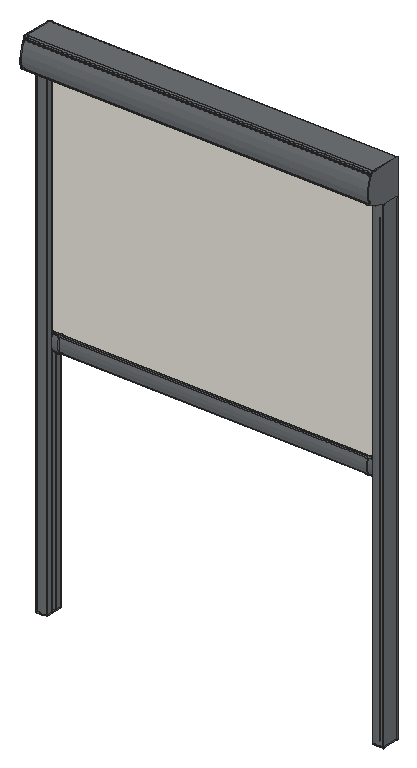
Revit family "Verano_V599_Ritzscreen_GM_R21", category Generic Models, Revit 2021
Family settings
  Can host rebar = No
  Round Connector Dimension = Use Diameter
  Part Type = Normal
  Work Plane-Based = No
  Always vertical = Yes
  Cut with Voids When Loaded = No
  Shared = No
  Room Calculation Point = No
Parameters (values of type "Rounded")
  Width Warning [instance] = if(or([Width Input (1000-4000mm)] < Minimal Width, [Width Input (1000-4000mm)] > Maximal Width), 1 < 2, 1 > 2)  # no
  Width Input (1000-4000mm) [instance] = 1000 mm
  Width [instance] = Overall Width Constraint  # 1000 mm
  Wall Offset [instance] = 0 mm
  Vertical Profile Length [instance] = Overall Height Constraint - Cassette Height - 3 mm  # 1397 mm
  URL = "www.verano.nl"
  Round Cassette = yes
  Parapet Height [instance] = 800 mm
  Overall Width Constraint [instance] = if([Width Input (1000-4000mm)] < Minimal Width, Minimal Width, if([Width Input (1000-4000mm)] > Maximal Width, Maximal Width, [Width Input (1000-4000mm)]))  # 1000 mm
  Overall Height Constraint [instance] = if([Height Input (1000-3500mm)] < Minimal Height, Minimal Height, if([Height Input (1000-3500mm)] > Maximal Height, Maximal Height, [Height Input (1000-3500mm)]))  # 1500 mm
  Overall Height [instance] = Parapet Height + Overall Height Constraint  # 2300 mm
  Closing factor (0-100%) [instance] = 50
  Model = "V599 Ritzscreen"
  Minimal Width [instance] = 1000 mm  # constant formula
  Minimal Height [instance] = 1000 mm  # constant formula
  Maximal Width [instance] = 4000 mm  # constant formula
  Maximal Height [instance] = 3500 mm  # constant formula
  Manufacturer = "Verano Systems"
  Height Warning [instance] = if(or([Height Input (1000-3500mm)] < Minimal Height, [Height Input (1000-3500mm)] > Maximal Height), 1 < 2, 1 > 2)  # no
  Height Input (1000-3500mm) [instance] = 1500 mm
  Height [instance] = Overall Height Constraint  # 1500 mm
  Frame Material [instance] = V_Antracite
  Fabric Material [instance] = V_Fabric Beige
  FL [instance] = (Overall Height Constraint - Cassette Height - 46 mm) * [Closing factor (0-100%)] / 100  # 677 mm
  Default Elevation = 0 mm
  Cassette Height [instance] = 100 mm  # constant formula
  Bottom Rail Length [instance] = Overall Width Constraint - 2 * 38 mm  # 924 mm
Reference planes
  plane 1 "Center (Front/Back)": y = 0
  plane 2: z = 0
  plane 3 "Center (Left/Right)": x = 0
  plane 4: y = 0
  plane 5: x = -500
  plane 6: x = 500
  plane 7 "1": z = 800
  plane 8: z = 2300
  plane 9: z = 2200
  plane 10 "Fabric reference": y = -24
  plane 11: x = -480
  plane 12: x = 480
  plane 13 "Bottom Profile": z = 1514
  plane 14: z = 1523
  plane 15: z = 2220
Forms (mm)
  Extrusion 1, solid, material "V_Fabric Beige"
    sketch origin (0, -24, 0) x (1, 0, 0) y (0, 0, 1)
      loop
        line (-480, 2220) -> (-480, 1514) -> (480, 1514) -> (480, 2220) -> (-480, 2220)
    from -1 to 1
Dimensions and locks
  "Wall Offset": plane 4 to plane 1 "Center (Front/Back)"
  equal spacing: plane 5, plane 3 "Center (Left/Right)", plane 6
  "Overall Width Constraint": plane 5 to plane 6
  "Parapet Height": plane 7 "1" to level
  "Overall Height Constraint": plane 8 to plane 7 "1"
  "Cassette Height": plane 8 to plane 9
  locked: plane 10 "Fabric reference" to plane 4 at 24
  locked: plane 12 to plane 6 at 20
  locked: plane 5 to plane 11 at 20
  "FL": plane 9 to plane 14
  locked: plane 14 to plane 13 "Bottom Profile" at 9
  locked: plane 15 to plane 9 at 20
  aligned and locked: level to plane 2
  aligned and locked: plane 3 "Center (Left/Right)" to nested 1
  aligned and locked: plane 4 to nested 1
  aligned and locked: plane 4 to nested 2
  aligned and locked: plane 5 to nested 2
  aligned and locked: nested 3 to plane 4
  aligned and locked: plane 6 to nested 3
  aligned and locked: nested 2 to plane 7 "1"
  aligned and locked: plane 7 "1" to nested 3
  aligned and locked: Extrusion 1 sketch curve to plane 11
  aligned and locked: Extrusion 1 sketch curve to plane 13 "Bottom Profile"
  aligned and locked: Extrusion 1 sketch curve to plane 12
  aligned and locked: plane 3 "Center (Left/Right)" to nested 4
  aligned and locked: plane 13 "Bottom Profile" to nested 4
  aligned and locked: plane 10 "Fabric reference" to nested 4
  aligned and locked: Extrusion 1 sketch curve to plane 15
  aligned and locked: plane 3 "Center (Left/Right)" to text3d elem  (x2)
Nested families
  nested 1: "Cassette" at (0, 0, 2300), built-in parameter 1001360 <- "Overall Height", type "Cassette"
  nested 2: "Vertical Profile" at (-500, 0, 800), type "Vertical Profile"
    with Profile Length 1397 mm
  nested 3: "Vertical Profile" at (500, 0, 800) x (-1, 0, 0) z (0, 0, 1), type "Vertical Profile"
    with Profile Length 1397 mm
  nested 4: "Bottom Profile" at (0, -24, 1514), type "Bottom Profile"
    with Length 924 mm
Definition of nested family "Cassette"
  Parameters (values of type "Cassette")
    S = yes
    R = yes
    Length = 1000 mm
    Frame Material = none
    Default Elevation = 0 mm
  Reference planes
    plane 1 "Center (Front/Back)": y = 0
    plane 2: z = 0
    plane 3 "Center (Left/Right)": x = 0
    plane 4: x = 500
    plane 5: x = -500
    plane 6: x = -498
    plane 7: x = 498
  Forms (mm)
    Extrusion 1, solid, material <- "Frame Material", visible <- "R"
      sketch origin (0, 0, 0) x (0, 1, 0) y (0, 0, 1)
        loop
          line (-1.5, 0) -> (-86.476, 0)
          arc (-86.476, 0) -> (-88.606, -0.723) -> (-89.856, -2.594) r 3.5
          line (-89.856, -2.594) -> (-90.909, -6.524)
          arc (-90.909, -6.524) -> (-90.859, -6.903) -> (-90.556, -7.136) r 0.5
          line (-90.556, -7.136) -> (-88.078, -7.8) -> (-89.678, -7.8)
          arc (-89.678, -7.8) -> (-91.124, -8.146) -> (-92.258, -9.108) r 3.2
          arc (-92.258, -9.108) -> (-103.013, -42.902) -> (-100.482, -78.276) r 94
          arc (-100.482, -78.276) -> (-99.75, -79.805) -> (-98.514, -80.965) r 4.6
          arc (-98.514, -80.965) -> (-75.983, -92.535) -> (-51.688, -99.693) r 135
          arc (-51.688, -99.693) -> (-50.107, -99.923) -> (-48.511, -100) r 16.6
          line (-48.511, -100) -> (-30, -100)
          arc (-30, -100) -> (-28.152, -98.765) -> (-28.586, -96.586) r 2
          line (-28.586, -96.586) -> (-29.248, -95.923)
          arc (-29.248, -95.923) -> (-30.38, -95.923) -> (-30.38, -97.055) r 0.8
          line (-30.38, -97.055) -> (-29.717, -97.717)
          arc (-29.717, -97.717) -> (-29.63, -98.153) -> (-30, -98.4) r 0.4
          line (-30, -98.4) -> (-48.511, -98.4)
          arc (-48.511, -98.4) -> (-49.953, -98.331) -> (-51.382, -98.123) r 15
          arc (-51.382, -98.123) -> (-75.389, -91.05) -> (-97.653, -79.617) r 133.4
          arc (-97.653, -79.617) -> (-98.459, -78.86) -> (-98.936, -77.864) r 3
          arc (-98.936, -77.864) -> (-101.424, -43.104) -> (-90.847, -9.9) r 92.3
          line (-90.847, -9.9) -> (-89, -9.9)
          arc (-89, -9.9) -> (-87.763, -9.667) -> (-86.696, -9) r 3.4
          line (-86.696, -9) -> (-80.928, -9) -> (-81.547, -6.69)
          arc (-81.547, -6.69) -> (-83.237, -3.763) -> (-80.31, -5.453) r 1.75
          line (-80.31, -5.453) -> (-78.619, -5.906)
          arc (-78.619, -5.906) -> (-78.587, -4.226) -> (-79.34, -2.725) r 3.5
          arc (-79.34, -2.725) -> (-79.414, -2.191) -> (-78.96, -1.9) r 0.5
          line (-78.96, -1.9) -> (-1.9, -1.9) -> (-1.9, -98.1) -> (-16.296, -98.1)
          arc (-16.296, -98.1) -> (-16.739, -97.831) -> (-16.705, -97.313) r 0.5
          line (-16.705, -97.313) -> (-14.872, -94.695)
          arc (-14.872, -94.695) -> (-14.706, -93.948) -> (-15.118, -93.302) r 1
          line (-15.118, -93.302) -> (-16.019, -92.671)
          arc (-16.019, -92.671) -> (-17.14, -92.423) -> (-18.108, -93.04) r 1.5
          line (-18.108, -93.04) -> (-18.567, -93.695) -> (-17.747, -94.269) -> (-17.174, -93.449) -> (-16.109, -94.195) -> (-19.264, -98.7) -> (-20.329, -97.955) -> (-19.755, -97.136) -> (-20.574, -96.562) -> (-21.329, -97.64)
          arc (-21.329, -97.64) -> (-21.431, -99.193) -> (-20.1, -100) r 1.5
          line (-20.1, -100) -> (-1.5, -100)
          arc (-1.5, -100) -> (-0.439, -99.561) -> (0, -98.5) r 1.5
          line (0, -98.5) -> (0, -1.5)
          arc (0, -1.5) -> (-0.439, -0.439) -> (-1.5, 0) r 1.5
      from -498 to 498
    Extrusion 2, solid, material <- "Frame Material", visible <- "R"
      sketch origin (0, 0, 0) x (0, 1, 0) y (0, 0, 1)
        loop
          arc (-91.002, -6.87) -> (-102.853, -41.629) -> (-100.482, -78.276) r 94
          arc (-100.482, -78.276) -> (-99.75, -79.805) -> (-98.514, -80.965) r 4.6
          arc (-98.514, -80.965) -> (-75.983, -92.535) -> (-51.688, -99.693) r 135
          arc (-51.688, -99.693) -> (-50.107, -99.923) -> (-48.511, -100) r 16.6
          line (-48.511, -100) -> (-1.5, -100)
          arc (-1.5, -100) -> (-0.439, -99.561) -> (0, -98.5) r 1.5
          line (0, -98.5) -> (0, -1.5)
          arc (0, -1.5) -> (-0.439, -0.439) -> (-1.5, 0) r 1.5
          line (-1.5, 0) -> (-86.476, 0)
          arc (-86.476, 0) -> (-88.606, -0.723) -> (-89.856, -2.594) r 3.5
          line (-89.856, -2.594) -> (-91.002, -6.87)
      from 498 to 500
    Extrusion 3, solid, material <- "Frame Material", visible <- "R"
      sketch origin (0, 0, 0) x (0, 1, 0) y (0, 0, -1)
        loop
          line (-91.002, 6.87) -> (-89.856, 2.594)
          arc (-89.856, 2.594) -> (-88.606, 0.723) -> (-86.476, 0) r 3.5
          line (-86.476, 0) -> (-1.5, 0)
          arc (-1.5, 0) -> (-0.439, 0.439) -> (0, 1.5) r 1.5
          line (0, 1.5) -> (0, 98.5)
          arc (0, 98.5) -> (-0.439, 99.561) -> (-1.5, 100) r 1.5
          line (-1.5, 100) -> (-48.511, 100)
          arc (-48.511, 100) -> (-50.107, 99.923) -> (-51.688, 99.693) r 16.6
          arc (-51.688, 99.693) -> (-75.983, 92.535) -> (-98.514, 80.965) r 135
          arc (-98.514, 80.965) -> (-99.75, 79.805) -> (-100.482, 78.276) r 4.6
          arc (-100.482, 78.276) -> (-102.853, 41.629) -> (-91.002, 6.87) r 94
      from 498 to 500
  Dimensions and locks
    equal spacing: plane 5, plane 3 "Center (Left/Right)", plane 4
    "Length": plane 5 to plane 4
    locked: plane 7 to plane 4 at 2
    locked: plane 5 to plane 6 at 2
    aligned and locked: level to plane 2
    aligned and locked: Extrusion 1 to plane 6
    aligned and locked: plane 7 to Extrusion 1
    aligned and locked: Extrusion 2 to plane 7
    aligned and locked: plane 4 to Extrusion 2
    aligned and locked: plane 6 to Extrusion 3
    aligned and locked: Extrusion 3 to plane 5
  Automatic sketch dimensions
    Extrusion 1 sketch curve to Extrusion 1 sketch curve = 0 mm  (x14)
    Extrusion 1 sketch curve to level = 0 mm
    Extrusion 1 sketch curve to plane 1 "Center (Front/Back)" = 0 mm
    Extrusion 1 sketch curve to level = 1.5 mm
    plane 1 "Center (Front/Back)" to Extrusion 1 sketch curve = 1.5 mm
    Extrusion 1 sketch curve to Extrusion 1 sketch curve = 0.4 mm  (x3)
    plane 1 "Center (Front/Back)" to Extrusion 1 sketch curve = 9.671 mm
    Extrusion 1 sketch curve to Extrusion 1 sketch curve = 0.1 mm
    Extrusion 1 sketch curve to Extrusion 1 sketch curve = 12.972 mm
    Extrusion 1 sketch curve to Extrusion 1 sketch curve = 0.246 mm
    Extrusion 1 sketch curve to Extrusion 1 sketch curve = 0.574 mm
    Extrusion 1 sketch curve to Extrusion 1 sketch curve = 0.901 mm
    Extrusion 1 sketch curve to Extrusion 1 sketch curve = 0.418 mm
    Extrusion 1 sketch curve to Extrusion 1 sketch curve = 1.424 mm
    Extrusion 1 sketch curve to Extrusion 1 sketch curve = 0.41 mm
    Extrusion 1 sketch curve to Extrusion 1 sketch curve = 0.77 mm
    Extrusion 1 sketch curve to Extrusion 1 sketch curve = 0.295 mm
    Extrusion 1 sketch curve to Extrusion 1 sketch curve = 0.868 mm
    Extrusion 1 sketch curve to Extrusion 1 sketch curve = 0.934 mm
    Extrusion 1 sketch curve to Extrusion 1 sketch curve = 0.459 mm
    Extrusion 1 sketch curve to Extrusion 1 sketch curve = 2.558 mm
    Extrusion 1 sketch curve to Extrusion 1 sketch curve = 0.491 mm
    Extrusion 1 sketch curve to Extrusion 1 sketch curve = 0.836 mm
    Extrusion 1 sketch curve to Extrusion 1 sketch curve = 0.229 mm
    Extrusion 1 sketch curve to Extrusion 1 sketch curve = 0.819 mm
    Extrusion 1 sketch curve to Extrusion 1 sketch curve = 1 mm
    plane 1 "Center (Front/Back)" to Extrusion 1 sketch curve = 25.851 mm
    Extrusion 1 sketch curve to Extrusion 1 sketch curve = 7.257 mm
    Extrusion 1 sketch curve to Extrusion 1 sketch curve = 0.663 mm  (x3)
    Extrusion 1 sketch curve to Extrusion 1 sketch curve = 1.131 mm
    Extrusion 1 sketch curve to Extrusion 1 sketch curve = 0.566 mm  (x3)
    Extrusion 1 sketch curve to Extrusion 1 sketch curve = 0.283 mm  (x2)
    Extrusion 1 sketch curve to Extrusion 1 sketch curve = 18.131 mm
    Extrusion 1 sketch curve to level = 5.906 mm
    Extrusion 1 sketch curve to Extrusion 1 sketch curve = 52.768 mm
    Extrusion 1 sketch curve to Extrusion 1 sketch curve = 0.341 mm
    Extrusion 1 sketch curve to level = 5.453 mm
    Extrusion 1 sketch curve to Extrusion 1 sketch curve = 1.69 mm
    Extrusion 1 sketch curve to level = 9 mm
    Extrusion 1 sketch curve to Extrusion 1 sketch curve = 0.619 mm
    Extrusion 1 sketch curve to level = 6.69 mm
    Extrusion 1 sketch curve to Extrusion 1 sketch curve = 1.237 mm
    Extrusion 1 sketch curve to Extrusion 1 sketch curve = 0.453 mm
    Extrusion 1 sketch curve to Extrusion 1 sketch curve = 4.476 mm
    Extrusion 1 sketch curve to Extrusion 1 sketch curve = 0.22 mm
    Extrusion 1 sketch curve to level = 7.8 mm
    Extrusion 1 sketch curve to Extrusion 1 sketch curve = 1.382 mm
    Extrusion 1 sketch curve to Extrusion 1 sketch curve = 0.922 mm
    Extrusion 1 sketch curve to Extrusion 1 sketch curve = 0.678 mm
    Extrusion 1 sketch curve to level = 2.594 mm
    Extrusion 1 sketch curve to Extrusion 1 sketch curve = 3.381 mm
    Extrusion 1 sketch curve to Extrusion 1 sketch curve = 0.749 mm
    Extrusion 1 sketch curve to level = 7.136 mm
    Extrusion 1 sketch curve to Extrusion 1 sketch curve = 0.129 mm
    Extrusion 1 sketch curve to Extrusion 1 sketch curve = 1.169 mm
    Extrusion 1 sketch curve to level = 6.524 mm
    Extrusion 1 sketch curve to Extrusion 1 sketch curve = 0.483 mm
    Extrusion 1 sketch curve to Extrusion 1 sketch curve = 47.527 mm
    Extrusion 1 sketch curve to Extrusion 1 sketch curve = 2.1 mm
    Extrusion 1 sketch curve to Extrusion 1 sketch curve = 1.1 mm
    Extrusion 1 sketch curve to Extrusion 1 sketch curve = 52.5 mm
    Extrusion 1 sketch curve to Extrusion 1 sketch curve = 0.013 mm
    Extrusion 1 sketch curve to Extrusion 1 sketch curve = 66.088 mm
    Extrusion 1 sketch curve to Extrusion 1 sketch curve = 6.312 mm
    Extrusion 1 sketch curve to Extrusion 1 sketch curve = 9.271 mm
    Extrusion 1 sketch curve to Extrusion 1 sketch curve = 0.368 mm
    Extrusion 1 sketch curve to Extrusion 1 sketch curve = 0.631 mm
    Extrusion 1 sketch curve to Extrusion 1 sketch curve = 0.451 mm
    Extrusion 1 sketch curve to Extrusion 1 sketch curve = 0.074 mm
    Extrusion 1 sketch curve to Extrusion 1 sketch curve = 1.716 mm
    Extrusion 1 sketch curve to Extrusion 1 sketch curve = 1.387 mm
    Extrusion 1 sketch curve to Extrusion 1 sketch curve = 0.287 mm
    Extrusion 1 sketch curve to level = 2.4 mm
    level to Extrusion 1 sketch curve = 32.811 mm
    Extrusion 1 sketch curve to Extrusion 1 sketch curve = 1.411 mm
    Extrusion 2 sketch curve to level = 0 mm
    Extrusion 2 sketch curve to plane 1 "Center (Front/Back)" = 0 mm
    Extrusion 2 sketch curve to level = 1.5 mm
    plane 1 "Center (Front/Back)" to Extrusion 2 sketch curve = 1.5 mm
    plane 1 "Center (Front/Back)" to Extrusion 2 sketch curve = 9.671 mm
    plane 1 "Center (Front/Back)" to Extrusion 2 sketch curve = 25.851 mm
    plane 1 "Center (Front/Back)" to Extrusion 2 sketch curve = 48.511 mm
    Extrusion 2 sketch curve to level = 3.5 mm
    Extrusion 2 sketch curve to Extrusion 2 sketch curve = 60.625 mm
    Extrusion 2 sketch curve to level = 2.594 mm
    Extrusion 2 sketch curve to level = 6.87 mm
    Extrusion 2 sketch curve to Extrusion 2 sketch curve = 1.146 mm
    Extrusion 2 sketch curve to Extrusion 2 sketch curve = 47.527 mm
    Extrusion 2 sketch curve to Extrusion 2 sketch curve = 52.5 mm
    Extrusion 2 sketch curve to Extrusion 2 sketch curve = 70.218 mm
    Extrusion 2 sketch curve to Extrusion 2 sketch curve = 6.312 mm
    Extrusion 2 sketch curve to Extrusion 2 sketch curve = 44.5 mm
    level to Extrusion 2 sketch curve = 32.811 mm
    Extrusion 2 sketch curve to Extrusion 2 sketch curve = 0 mm  (x2)
    Extrusion 3 sketch curve to level = 0 mm
    Extrusion 3 sketch curve to plane 1 "Center (Front/Back)" = 0 mm
    Extrusion 3 sketch curve to Extrusion 3 sketch curve = 1.5 mm
    plane 1 "Center (Front/Back)" to Extrusion 3 sketch curve = 1.5 mm
    plane 1 "Center (Front/Back)" to Extrusion 3 sketch curve = 9.671 mm
    plane 1 "Center (Front/Back)" to Extrusion 3 sketch curve = 25.851 mm
    plane 1 "Center (Front/Back)" to Extrusion 3 sketch curve = 48.511 mm
    Extrusion 3 sketch curve to level = 3.5 mm
    Extrusion 3 sketch curve to Extrusion 3 sketch curve = 60.625 mm
    Extrusion 3 sketch curve to level = 2.594 mm
    Extrusion 3 sketch curve to level = 6.87 mm
    Extrusion 3 sketch curve to Extrusion 3 sketch curve = 1.146 mm
    Extrusion 3 sketch curve to Extrusion 3 sketch curve = 47.527 mm
    level to Extrusion 3 sketch curve = 32.811 mm
    Extrusion 3 sketch curve to Extrusion 3 sketch curve = 52.5 mm
    Extrusion 3 sketch curve to Extrusion 3 sketch curve = 70.218 mm
    Extrusion 3 sketch curve to Extrusion 3 sketch curve = 6.312 mm
    Extrusion 3 sketch curve to Extrusion 3 sketch curve = 44.5 mm
    Extrusion 3 sketch curve to Extrusion 3 sketch curve = 0 mm  (x2)
Definition of nested family "Vertical Profile"
  Parameters (values of type "Vertical Profile")
    Profile Length = 1340 mm
    Frame Material = none
    Default Elevation = 0 mm
  Reference planes
    plane 1 "Center (Front/Back)": y = 0
    plane 2: z = 0
    plane 3 "Center (Left/Right)": x = 0
    plane 4 "1": z = 3
  Forms (mm)
    Extrusion 1, solid, material <- "Frame Material"
      sketch origin (0, 0, 3) x (-1, 0, 0) y (0, -1, 0)
        loop
          arc (-0.5, 0) -> (-0.146, 0.146) -> (0, 0.5) r 0.5
          line (0, 0.5) -> (0, 47.9)
          arc (0, 47.9) -> (-0.146, 48.254) -> (-0.5, 48.4) r 0.5
          line (-0.5, 48.4) -> (-2.936, 48.4)
          arc (-2.936, 48.4) -> (-3.467, 48.18) -> (-3.686, 47.65) r 0.75
          arc (-3.686, 47.65) -> (-4.009, 48.139) -> (-4.536, 48.393) r 1.099
          arc (-4.536, 48.393) -> (-18.602, 49.677) -> (-32.673, 48.466) r 80
          arc (-32.673, 48.466) -> (-33.266, 48.124) -> (-33.5, 47.481) r 1
          line (-33.5, 47.481) -> (-33.5, 32.7)
          arc (-33.5, 32.7) -> (-33.207, 31.993) -> (-32.5, 31.7) r 1
          line (-32.5, 31.7) -> (-24.5, 31.7)
          arc (-24.5, 31.7) -> (-24, 32.2) -> (-24.5, 32.7) r 0.5
          line (-24.5, 32.7) -> (-27.8, 32.7)
          arc (-27.8, 32.7) -> (-28.154, 32.846) -> (-28.3, 33.2) r 0.5
          line (-28.3, 33.2) -> (-28.3, 38.9)
          arc (-28.3, 38.9) -> (-28.154, 39.254) -> (-27.8, 39.4) r 0.5
          line (-27.8, 39.4) -> (-10.3, 39.4) -> (-10.3, 9.5)
          arc (-10.3, 9.5) -> (-10.446, 9.146) -> (-10.8, 9) r 0.5
          line (-10.8, 9) -> (-27.8, 9)
          arc (-27.8, 9) -> (-28.154, 9.146) -> (-28.3, 9.5) r 0.5
          line (-28.3, 9.5) -> (-28.3, 15.1)
          arc (-28.3, 15.1) -> (-28.153, 15.454) -> (-27.799, 15.6) r 0.5
          line (-27.799, 15.6) -> (-24.4, 15.6)
          arc (-24.4, 15.6) -> (-23.9, 16.1) -> (-24.4, 16.6) r 0.5
          line (-24.4, 16.6) -> (-32.5, 16.6)
          arc (-32.5, 16.6) -> (-33.207, 16.307) -> (-33.5, 15.6) r 1
          line (-33.5, 15.6) -> (-33.5, 0.5)
          arc (-33.5, 0.5) -> (-33.354, 0.146) -> (-33, 0) r 0.5
          line (-33, 0) -> (-0.5, 0)
      from 0 to 1340 <- "Profile Length"
    Extrusion 2, solid, material <- "Frame Material"
      sketch origin (0, 0, 0) x (1, 0, 0) y (0, 1, 0)
        loop
          line (33.5, 0) -> (0.5, 0)
          arc (0.5, 0) -> (0.146, -0.146) -> (0, -0.5) r 0.5
          line (0, -0.5) -> (0, -47.9)
          arc (0, -47.9) -> (0.146, -48.254) -> (0.5, -48.4) r 0.5
          line (0.5, -48.4) -> (4.573, -48.4)
          arc (4.573, -48.4) -> (18.62, -49.677) -> (32.673, -48.466) r 80
          arc (32.673, -48.466) -> (33.266, -48.124) -> (33.5, -47.481) r 1
          line (33.5, -47.481) -> (33.5, 0)
      from 0 to 3
  Dimensions and locks
    locked: plane 4 "1" to level at 3
    aligned and locked: level to plane 2
    aligned and locked: Extrusion 1 to plane 4 "1"
    aligned and locked: plane 4 "1" to Extrusion 2
    aligned and locked: Extrusion 2 to plane 2
Definition of nested family "Bottom Profile"
  Parameters (values of type "Bottom Profile")
    PL = 15 mm  # constant formula
    Length = 2416 mm
    Frame Material = none
    Default Elevation = 0 mm
  Reference planes
    plane 1 "Center (Front/Back)": y = 0
    plane 2: z = 0
    plane 3 "Center (Left/Right)": x = 0
    plane 4 "L": x = -1208
    plane 5 "R": x = 1208
    plane 6: x = -1189
    plane 7: x = 1189
  Forms (mm)
    Extrusion 1, solid, material <- "Frame Material"
      sketch origin (0, 0, 0) x (0, 1, 0) y (0, 0, 1)
        loop
          arc (-10.491, -34.462) -> (-9.769, -35.528) -> (-8.55, -35.94) r 2.013
          line (-8.55, -35.94) -> (-1.762, -35.94) -> (-1.762, -34.933) -> (-2.768, -34.933) -> (-2.768, -33.624) -> (2.768, -33.624) -> (2.768, -34.933) -> (1.762, -34.933) -> (1.762, -35.94) -> (8.55, -35.94)
          arc (8.55, -35.94) -> (9.769, -35.528) -> (10.491, -34.462) r 2.013
          arc (10.491, -34.462) -> (13.339, -13.44) -> (10.491, 7.583) r 79.001
          arc (10.491, 7.583) -> (9.769, 8.649) -> (8.55, 9.06) r 2.013
          line (8.55, 9.06) -> (2.869, 9.06)
          arc (2.869, 9.06) -> (2.513, 8.913) -> (2.366, 8.557) r 0.503
          line (2.366, 8.557) -> (2.366, 4.391)
          arc (2.366, 4.391) -> (2.469, 3.946) -> (2.759, 3.593) r 1.007
          arc (2.759, 3.593) -> (0, -4.53) -> (-2.759, 3.593) r 4.53
          arc (-2.759, 3.593) -> (-2.469, 3.946) -> (-2.366, 4.391) r 1.007
          line (-2.366, 4.391) -> (-2.366, 8.557)
          arc (-2.366, 8.557) -> (-2.513, 8.913) -> (-2.869, 9.06) r 0.503
          line (-2.869, 9.06) -> (-8.55, 9.06)
          arc (-8.55, 9.06) -> (-9.769, 8.649) -> (-10.491, 7.583) r 2.013
          arc (-10.491, 7.583) -> (-13.339, -13.44) -> (-10.491, -34.462) r 79.001
      from -1189 to 1189
    Extrusion 2, solid, material <- "Frame Material"
      sketch origin (0, 0, 0) x (0, 1, 0) y (0, 0, -1)
        loop
          line (-1, -10.06) -> (-1, 36.94) -> (-8.55, 36.94)
          arc (-8.55, 36.94) -> (-10.375, 36.324) -> (-11.454, 34.728) r 3.013
          arc (-11.454, 34.728) -> (-14.339, 13.44) -> (-11.454, -7.849) r 80.001
          arc (-11.454, -7.849) -> (-10.375, -9.445) -> (-8.55, -10.06) r 3.013
          line (-8.55, -10.06) -> (-1, -10.06)
      from 1189 to 1208
    Extrusion 3, solid, material <- "Frame Material"
      sketch origin (0, 0, 0) x (0, 1, 0) y (0, 0, 1)
        loop
          line (-1, 10.06) -> (-8.55, 10.06)
          arc (-8.55, 10.06) -> (-10.375, 9.445) -> (-11.454, 7.849) r 3.013
          arc (-11.454, 7.849) -> (-14.339, -13.44) -> (-11.454, -34.728) r 80.001
          arc (-11.454, -34.728) -> (-10.375, -36.324) -> (-8.55, -36.94) r 3.013
          line (-8.55, -36.94) -> (-1, -36.94) -> (-1, 10.06)
      from 1189 to 1208
    Extrusion 4, solid, material <- "Frame Material"
      sketch origin (1208, 0, 0) x (0, 1, 0) y (0, 0, 1)
        loop
          line (-1, -36.94) -> (-1, 10.06) -> (-7.4, 10.06) -> (-7.4, -36.94) -> (-1, -36.94)
      from 0 to 15 <- "PL"
    Extrusion 5, solid, material <- "Frame Material"
      sketch origin (-1208, 0, 0) x (0, 1, 0) y (0, 0, 1)
        loop
          line (-1, -36.94) -> (-1, 10.06) -> (-7.4, 10.06) -> (-7.4, -36.94) -> (-1, -36.94)
      from 0 to -15
    Extrusion 6, solid, material <- "Frame Material"
      sketch origin (0, 0, 0) x (0, -1, 0) y (0, 0, -1)
        loop
          line (-1, -10.06) -> (-1, 36.94) -> (-8.55, 36.94)
          arc (-8.55, 36.94) -> (-10.375, 36.324) -> (-11.454, 34.728) r 3.013
          arc (-11.454, 34.728) -> (-14.339, 13.44) -> (-11.454, -7.849) r 80.001
          arc (-11.454, -7.849) -> (-10.375, -9.445) -> (-8.55, -10.06) r 3.013
          line (-8.55, -10.06) -> (-1, -10.06)
      from 1189 to 1208
    Extrusion 7, solid, material <- "Frame Material"
      sketch origin (1208, 0, 0) x (0, -1, 0) y (0, 0, -1)
        loop
          line (-1, 36.94) -> (-7.4, 36.94) -> (-7.4, -10.06) -> (-1, -10.06) -> (-1, 36.94)
      from 0 to 15 <- "PL"
    Extrusion 8, solid, material <- "Frame Material"
      sketch origin (0, 0, 0) x (0, -1, 0) y (0, 0, 1)
        loop
          line (-1, 10.06) -> (-8.55, 10.06)
          arc (-8.55, 10.06) -> (-10.375, 9.445) -> (-11.454, 7.849) r 3.013
          arc (-11.454, 7.849) -> (-14.339, -13.44) -> (-11.454, -34.728) r 80.001
          arc (-11.454, -34.728) -> (-10.375, -36.324) -> (-8.55, -36.94) r 3.013
          line (-8.55, -36.94) -> (-1, -36.94) -> (-1, 10.06)
      from 1189 to 1208
    Extrusion 9, solid, material <- "Frame Material"
      sketch origin (-1208, 0, 0) x (0, 1, 0) y (0, 0, 1)
        loop
          line (1, -36.94) -> (7.4, -36.94) -> (7.4, 10.06) -> (1, 10.06) -> (1, -36.94)
      from 0 to -15
  Dimensions and locks
    equal spacing: plane 4 "L", plane 3 "Center (Left/Right)", plane 5 "R"
    "Length": plane 4 "L" to plane 5 "R"
    locked: plane 4 "L" to plane 6 at 19
    locked: plane 7 to plane 5 "R" at 19
    aligned and locked: level to plane 2
    aligned and locked: Extrusion 1 to plane 6
    aligned and locked: plane 7 to Extrusion 1
    aligned and locked: plane 6 to Extrusion 2
    aligned and locked: Extrusion 2 to plane 4 "L"
    aligned and locked: Extrusion 3 to plane 7
    aligned and locked: plane 5 "R" to Extrusion 3
    aligned and locked: Extrusion 4 sketch curve to Extrusion 2  (x2)
    aligned and locked: Extrusion 2 to Extrusion 4 sketch curve
    aligned and locked: Extrusion 4 to plane 5 "R"
    aligned and locked: plane 4 "L" to Extrusion 5
    aligned and locked: plane 4 "L" to Extrusion 9
    aligned and locked: plane 6 to Extrusion 8
    aligned and locked: Extrusion 8 to plane 4 "L"
    aligned and locked: Extrusion 6 to plane 7
    aligned and locked: plane 5 "R" to Extrusion 6
    aligned and locked: Extrusion 7 to plane 5 "R"
    aligned and locked: Extrusion 9 to plane 4 "L"
    aligned and locked: Extrusion 5 to plane 4 "L"
  Automatic sketch dimensions
    Extrusion 1 sketch curve to level = 0 mm
    Extrusion 1 sketch curve to plane 1 "Center (Front/Back)" = 0 mm
    plane 1 "Center (Front/Back)" to Extrusion 1 sketch curve = 1.762 mm
    plane 1 "Center (Front/Back)" to Extrusion 1 sketch curve = 2.366 mm
    Extrusion 1 sketch curve to Extrusion 1 sketch curve = 1.007 mm  (x5)
    Extrusion 1 sketch curve to Extrusion 1 sketch curve = 0.503 mm  (x2)
    Extrusion 1 sketch curve to Extrusion 1 sketch curve = 5.781 mm  (x2)
    Extrusion 1 sketch curve to Extrusion 1 sketch curve = 5.681 mm  (x2)
    Extrusion 1 sketch curve to level = 13.44 mm  (x2)
    Extrusion 1 sketch curve to Extrusion 1 sketch curve = 57.113 mm  (x2)
    Extrusion 1 sketch curve to plane 1 "Center (Front/Back)" = 1.762 mm
    Extrusion 1 sketch curve to plane 1 "Center (Front/Back)" = 2.366 mm
    Extrusion 1 sketch curve to level = 33.624 mm
    Extrusion 1 sketch curve to Extrusion 1 sketch curve = 0.302 mm  (x2)
    Extrusion 1 sketch curve to Extrusion 1 sketch curve = 1.309 mm  (x2)
    Extrusion 1 sketch curve to Extrusion 1 sketch curve = 2.013 mm
    level to Extrusion 1 sketch curve = 4.391 mm  (x2)
    Extrusion 1 sketch curve to Extrusion 1 sketch curve = 2.656 mm  (x2)
    Extrusion 1 sketch curve to Extrusion 1 sketch curve = 4.166 mm  (x2)
    Extrusion 1 sketch curve to Extrusion 1 sketch curve = 0 mm  (x3)
    plane 1 "Center (Front/Back)" to Extrusion 2 sketch curve = 8.55 mm  (x2)
    plane 1 "Center (Front/Back)" to Extrusion 2 sketch curve = 1 mm
    Extrusion 2 sketch curve to level = 13.44 mm
    Extrusion 2 sketch curve to plane 1 "Center (Front/Back)" = 65.662 mm
    level to Extrusion 2 sketch curve = 7.047 mm
    Extrusion 2 sketch curve to Extrusion 2 sketch curve = 3.013 mm  (x2)
    Extrusion 2 sketch curve to level = 33.926 mm
    Extrusion 2 sketch curve to Extrusion 2 sketch curve = 0 mm
    plane 1 "Center (Front/Back)" to Extrusion 3 sketch curve = 8.55 mm  (x2)
    plane 1 "Center (Front/Back)" to Extrusion 3 sketch curve = 1 mm
    Extrusion 3 sketch curve to level = 13.44 mm
    Extrusion 3 sketch curve to plane 1 "Center (Front/Back)" = 65.662 mm
    Extrusion 3 sketch curve to level = 33.926 mm
    Extrusion 3 sketch curve to Extrusion 3 sketch curve = 3.013 mm  (x2)
    level to Extrusion 3 sketch curve = 7.047 mm
    Extrusion 3 sketch curve to Extrusion 3 sketch curve = 0 mm
    Extrusion 4 sketch curve to Extrusion 4 sketch curve = 6.4 mm
    Extrusion 6 sketch curve to plane 1 "Center (Front/Back)" = 8.55 mm  (x2)
    Extrusion 6 sketch curve to plane 1 "Center (Front/Back)" = 1 mm
    Extrusion 6 sketch curve to level = 13.44 mm
    plane 1 "Center (Front/Back)" to Extrusion 6 sketch curve = 65.662 mm
    level to Extrusion 6 sketch curve = 7.047 mm
    Extrusion 6 sketch curve to Extrusion 6 sketch curve = 3.013 mm  (x2)
    Extrusion 6 sketch curve to level = 33.926 mm
    Extrusion 6 sketch curve to Extrusion 6 sketch curve = 0 mm
    Extrusion 7 sketch curve to plane 1 "Center (Front/Back)" = 7.4 mm
    Extrusion 7 sketch curve to plane 1 "Center (Front/Back)" = 1 mm
    level to Extrusion 7 sketch curve = 10.06 mm
    Extrusion 7 sketch curve to level = 36.94 mm
    Extrusion 8 sketch curve to plane 1 "Center (Front/Back)" = 8.55 mm  (x2)
    Extrusion 8 sketch curve to plane 1 "Center (Front/Back)" = 1 mm
    Extrusion 8 sketch curve to level = 13.44 mm
    plane 1 "Center (Front/Back)" to Extrusion 8 sketch curve = 65.662 mm
    Extrusion 8 sketch curve to level = 33.926 mm
    Extrusion 8 sketch curve to Extrusion 8 sketch curve = 3.013 mm  (x2)
    level to Extrusion 8 sketch curve = 7.047 mm
    Extrusion 8 sketch curve to Extrusion 8 sketch curve = 0 mm
    plane 1 "Center (Front/Back)" to Extrusion 5 sketch curve = 7.4 mm
    plane 1 "Center (Front/Back)" to Extrusion 5 sketch curve = 1 mm
    Extrusion 5 sketch curve to level = 36.94 mm
    level to Extrusion 5 sketch curve = 10.06 mm
    Extrusion 9 sketch curve to plane 1 "Center (Front/Back)" = 1 mm
    Extrusion 9 sketch curve to Extrusion 9 sketch curve = 6.4 mm
    Extrusion 9 sketch curve to level = 36.94 mm
    level to Extrusion 9 sketch curve = 10.06 mm
